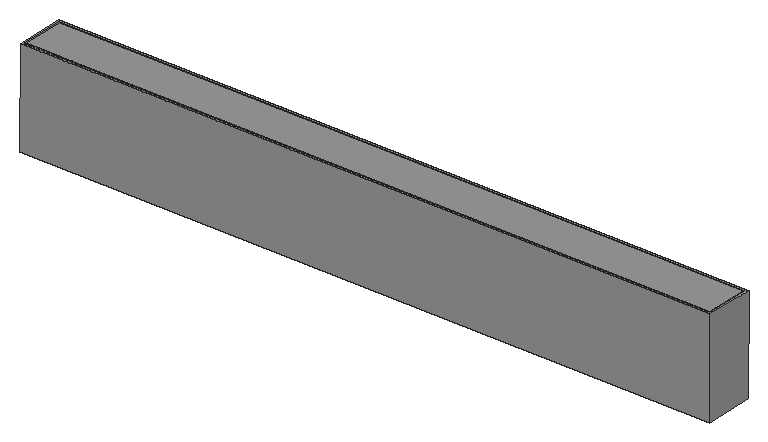
Revit family "Artemide_Sharp_SMD", category Lighting Fixtures, Revit 2018 (continued)
Types (243, lengths in mm): name | Wattage | V_2Optics | V_1Optic | TotalNumberOfOptics | built-in parameter 1150134 | Photometric Web File | NumberOfOptics | M_ExternalHousing | built-in parameter 1150105 | Lumens | built-in parameter 1150107 | built-in parameter 1150106 | URL to O&M Manual | Suitable for Dimming  | Suitable Dimmer Type | Product Model Number | Overall Length | Housing Colour  | Emit from Rectangle Width | Emit from Rectangle Length | Efficiency | built-in parameter 1150104 | Distance_RightEnd | Colour Temperature
  SharpSMD_4opticunit_12W_52°_3000K_White_AF41501 | 12 W | no | yes | 4 | (empty or 0) | "AF41501+AF95201.IES" | 3 | Artemide_Aluminum_White | 61.984 (stored number, unit not read) | 778.92 lm | 3000 (stored number, unit not read) | 0.61984 (stored number, unit not read) | "https://www.artemide.com/contents/documenti/prodotto/sharp_smd_instructions4862935.pdf" | "N" | "-" | "AF41501" | 152 | "White" | 37.4 | 149.2 | 73 | 6.0303 (stored number, unit not read) | 132.8 | 3000
  SharpSMD_4opticunit_12W_52°_3000K_Black_AF41504 | 12 W | no | yes | 4 | (empty or 0) | "AF41504+AF95201.IES" | 3 | Artemide_Aluminum_Black | 61.984 (stored number, unit not read) | 778.92 lm | 3000 (stored number, unit not read) | 0.61984 (stored number, unit not read) | "https://www.artemide.com/contents/documenti/prodotto/sharp_smd_instructions4862935.pdf" | "N" | "-" | "AF41504" | 152 | "Black" | 37.4 | 149.2 | 73 | 6.0303 (stored number, unit not read) | 132.8 | 3000
  SharpSMD_4opticunit_12W_52°_3000K_Silver_AF41505 | 12 W | no | yes | 4 | (empty or 0) | "AF41505+AF95201.IES" | 3 | Artemide_Aluminum_BrushedSilver | 61.984 (stored number, unit not read) | 778.92 lm | 3000 (stored number, unit not read) | 0.61984 (stored number, unit not read) | "https://www.artemide.com/contents/documenti/prodotto/sharp_smd_instructions4862935.pdf" | "N" | "-" | "AF41505" | 152 | "Silver" | 37.4 | 149.2 | 73 | 6.0303 (stored number, unit not read) | 132.8 | 3000
  SharpSMD_4opticunit_12W_20°_2700K_White_AF41001 | 12 W | no | yes | 4 | (empty or 0) | "AF41001+AF95201.IES" | 3 | Artemide_Aluminum_White | 60.046 (stored number, unit not read) | 754.56 lm | 2700 (stored number, unit not read) | 0.60046 (stored number, unit not read) | "https://www.artemide.com/contents/documenti/prodotto/sharp_smd_instructions4862935.pdf" | "N" | "-" | "AF41001" | 152 | "White" | 37.4 | 149.2 | 76 | 5.8417 (stored number, unit not read) | 132.8 | 2700
  SharpSMD_4opticunit_12W_20°_2700K_Black_AF41004 | 12 W | no | yes | 4 | (empty or 0) | "AF41004+AF95201.IES" | 3 | Artemide_Aluminum_Black | 60.046 (stored number, unit not read) | 754.56 lm | 2700 (stored number, unit not read) | 0.60046 (stored number, unit not read) | "https://www.artemide.com/contents/documenti/prodotto/sharp_smd_instructions4862935.pdf" | "N" | "-" | "AF41004" | 152 | "Black" | 37.4 | 149.2 | 76 | 5.8417 (stored number, unit not read) | 132.8 | 2700
  SharpSMD_4opticunit_12W_20°_2700K_Silver_AF41005 | 12 W | no | yes | 4 | (empty or 0) | "AF41005+AF95201.IES" | 3 | Artemide_Aluminum_BrushedSilver | 60.046 (stored number, unit not read) | 754.56 lm | 2700 (stored number, unit not read) | 0.60046 (stored number, unit not read) | "https://www.artemide.com/contents/documenti/prodotto/sharp_smd_instructions4862935.pdf" | "N" | "-" | "AF41005" | 152 | "Silver" | 37.4 | 149.2 | 76 | 5.8417 (stored number, unit not read) | 132.8 | 2700
  SharpSMD_4opticunit_12W_36°_2700K_White_AF41101 | 12 W | no | yes | 4 | (empty or 0) | "AF41101+AF95201.IES" | 3 | Artemide_Aluminum_White | 56.179 (stored number, unit not read) | 705.96 lm | 2700 (stored number, unit not read) | 0.56179 (stored number, unit not read) | "https://www.artemide.com/contents/documenti/prodotto/sharp_smd_instructions4862935.pdf" | "N" | "-" | "AF41101" | 152 | "White" | 37.4 | 149.2 | 71 | 5.4655 (stored number, unit not read) | 132.8 | 2700
  SharpSMD_4opticunit_12W_36°_2700K_Black_AF41104 | 12 W | no | yes | 4 | (empty or 0) | "AF41104+AF95201.IES" | 3 | Artemide_Aluminum_Black | 56.179 (stored number, unit not read) | 705.96 lm | 2700 (stored number, unit not read) | 0.56179 (stored number, unit not read) | "https://www.artemide.com/contents/documenti/prodotto/sharp_smd_instructions4862935.pdf" | "N" | "-" | "AF41104" | 152 | "Black" | 37.4 | 149.2 | 71 | 5.4655 (stored number, unit not read) | 132.8 | 2700
  SharpSMD_4opticunit_12W_36°_2700K_Silver_AF41105 | 12 W | no | yes | 4 | (empty or 0) | "AF41105+AF95201.IES" | 3 | Artemide_Aluminum_BrushedSilver | 56.179 (stored number, unit not read) | 705.96 lm | 2700 (stored number, unit not read) | 0.56179 (stored number, unit not read) | "https://www.artemide.com/contents/documenti/prodotto/sharp_smd_instructions4862935.pdf" | "N" | "-" | "AF41105" | 152 | "Silver" | 37.4 | 149.2 | 71 | 5.4655 (stored number, unit not read) | 132.8 | 2700
  SharpSMD_4opticunit_12W_52°_2700K_White_AF41201 | 12 W | no | yes | 4 | (empty or 0) | "AF41201+AF95201.IES" | 3 | Artemide_Aluminum_White | 58.184 (stored number, unit not read) | 731.16 lm | 2700 (stored number, unit not read) | 0.58184 (stored number, unit not read) | "https://www.artemide.com/contents/documenti/prodotto/sharp_smd_instructions4862935.pdf" | "N" | "-" | "AF41201" | 152 | "White" | 37.4 | 149.2 | 73 | 5.6606 (stored number, unit not read) | 132.8 | 2700
  SharpSMD_4opticunit_12W_52°_2700K_Black_AF41204 | 12 W | no | yes | 4 | (empty or 0) | "AF41204+AF95201.IES" | 3 | Artemide_Aluminum_Black | 58.184 (stored number, unit not read) | 731.16 lm | 2700 (stored number, unit not read) | 0.58184 (stored number, unit not read) | "https://www.artemide.com/contents/documenti/prodotto/sharp_smd_instructions4862935.pdf" | "N" | "-" | "AF41204" | 152 | "Black" | 37.4 | 149.2 | 73 | 5.6606 (stored number, unit not read) | 132.8 | 2700
  SharpSMD_4opticunit_12W_52°_2700K_Silver_AF41205 | 12 W | no | yes | 4 | (empty or 0) | "AF41205+AF95201.IES" | 3 | Artemide_Aluminum_BrushedSilver | 58.184 (stored number, unit not read) | 731.16 lm | 2700 (stored number, unit not read) | 0.58184 (stored number, unit not read) | "https://www.artemide.com/contents/documenti/prodotto/sharp_smd_instructions4862935.pdf" | "N" | "-" | "AF41205" | 152 | "Silver" | 37.4 | 149.2 | 73 | 5.6606 (stored number, unit not read) | 132.8 | 2700
  SharpSMD_4opticunit_12W_36°_4000K_White_AF41701 | 12 W | no | yes | 4 | 12 | "AF41701+AF95201.IES" | 3 | Artemide_Aluminum_White | 64.066 (stored number, unit not read) | 805.08 lm | 4000 (stored number, unit not read) | 0.64066 (stored number, unit not read) | "https://www.artemide.com/contents/documenti/prodotto/sharp_smd_instructions4862935.pdf" | "N" | "-" | "AF41701" | 152 | "White" | 37.4 | 149.2 | 71 | 6.2329 (stored number, unit not read) | 132.8 | 4000
  SharpSMD_4opticunit_12W_52°_4000K_White_AF41801 | 12 W | no | yes | 4 | 12 | "AF41801+AF95201.IES" | 3 | Artemide_Aluminum_White | 66.339 (stored number, unit not read) | 833.64 lm | 4000 (stored number, unit not read) | 0.66339 (stored number, unit not read) | "https://www.artemide.com/contents/documenti/prodotto/sharp_smd_instructions4862935.pdf" | "N" | "-" | "AF41801" | 152 | "White" | 37.4 | 149.2 | 73 | 6.454 (stored number, unit not read) | 132.8 | 4000
  SharpSMD_4opticunit_12W_20°_4000K_White_AF41601 | 12 W | no | yes | 4 | 12 | "AF41601+AF95201.IES" | 3 | Artemide_Aluminum_White | 68.468 (stored number, unit not read) | 860.4 lm | 4000 (stored number, unit not read) | 0.68468 (stored number, unit not read) | "https://www.artemide.com/contents/documenti/prodotto/sharp_smd_instructions4862935.pdf" | "N" | "-" | "AF41601" | 152 | "White" | 37.4 | 149.2 | 76 | 6.6611 (stored number, unit not read) | 132.8 | 4000
  SharpSMD_4opticunit_12W_20°_4000K_Silver_AF41705 | 12 W | no | yes | 4 | 12 | "AF41705+AF95201.IES" | 3 | Artemide_Aluminum_BrushedSilver | 64.066 (stored number, unit not read) | 805.08 lm | 4000 (stored number, unit not read) | 0.64066 (stored number, unit not read) | "https://www.artemide.com/contents/documenti/prodotto/sharp_smd_instructions4862935.pdf" | "N" | "-" | "AF41705" | 152 | "Silver" | 37.4 | 149.2 | 71 | 6.2329 (stored number, unit not read) | 132.8 | 4000
  SharpSMD_4opticunit_12W_52°_4000K_Silver_AF41805 | 12 W | no | yes | 4 | 12 | "AF45905+AF95201.IES" | 3 | Artemide_Aluminum_BrushedSilver | 66.339 (stored number, unit not read) | 833.64 lm | 4000 (stored number, unit not read) | 0.66339 (stored number, unit not read) | "https://www.artemide.com/contents/documenti/prodotto/sharp_smd_instructions4862935.pdf" | "N" | "-" | "AF41805" | 152 | "Silver" | 37.4 | 149.2 | 73 | 6.454 (stored number, unit not read) | 132.8 | 4000
  SharpSMD_4opticunit_12W_20°_4000K_Silver_AF41605 | 12 W | no | yes | 4 | 12 | "AF41605+AF95201.IES" | 3 | Artemide_Aluminum_BrushedSilver | 68.468 (stored number, unit not read) | 860.4 lm | 4000 (stored number, unit not read) | 0.68468 (stored number, unit not read) | "https://www.artemide.com/contents/documenti/prodotto/sharp_smd_instructions4862935.pdf" | "N" | "-" | "AF41605" | 152 | "Silver" | 37.4 | 149.2 | 76 | 6.6611 (stored number, unit not read) | 132.8 | 4000
  SharpSMD_4opticunit_12W_52°_4000K_Black_AF41804 | 12 W | no | yes | 4 | 12 | "AF41804+AF95201.IES" | 3 | Artemide_Aluminum_Black | 66.339 (stored number, unit not read) | 833.64 lm | 4000 (stored number, unit not read) | 0.66339 (stored number, unit not read) | "https://www.artemide.com/contents/documenti/prodotto/sharp_smd_instructions4862935.pdf" | "N" | "-" | "AF41804" | 152 | "Black" | 37.4 | 149.2 | 73 | 6.454 (stored number, unit not read) | 132.8 | 4000
  SharpSMD_4opticunit_12W_36°_4000K_Black_AF41704 | 12 W | no | yes | 4 | 12 | "AF41704+AF95201.IES" | 3 | Artemide_Aluminum_Black | 64.066 (stored number, unit not read) | 805.08 lm | 4000 (stored number, unit not read) | 0.64066 (stored number, unit not read) | "https://www.artemide.com/contents/documenti/prodotto/sharp_smd_instructions4862935.pdf" | "N" | "-" | "AF41704" | 152 | "Black" | 37.4 | 149.2 | 71 | 6.2329 (stored number, unit not read) | 132.8 | 4000
  SharpSMD_4opticunit_12W_20°_4000K_Black_AF41604 | 12 W | no | yes | 4 | 12 | "AF41604+AF95201.IES" | 3 | Artemide_Aluminum_Black | 68.468 (stored number, unit not read) | 860.4 lm | 4000 (stored number, unit not read) | 0.68468 (stored number, unit not read) | "https://www.artemide.com/contents/documenti/prodotto/sharp_smd_instructions4862935.pdf" | "N" | "-" | "AF41604" | 152 | "Black" | 37.4 | 149.2 | 76 | 6.6611 (stored number, unit not read) | 132.8 | 4000
  SharpSMD_8opticunit_24W_20°_3000K_Black_AF46004 | 24 W | no | yes | 8 | (empty or 0) | "AF46004+AF95201.IES" | 7 | Artemide_Aluminum_Black | 127.94 (stored number, unit not read) | 1607.76 lm | 3000 (stored number, unit not read) | 1.2794 (stored number, unit not read) | "https://www.artemide.com/contents/documenti/prodotto/sharp_smd_instructions4862734.pdf" | "N" | "-" | "AF46004" | 300 | "Black" | 37 | 298.4 | 76 | 6.2236 (stored number, unit not read) | 282 | 3000
  SharpSMD_8opticunit_24W_20°_3000K_Silver_AF46005 | 24 W | no | yes | 8 | (empty or 0) | "AF46005+AF95201.IES" | 7 | Artemide_Aluminum_BrushedSilver | 127.94 (stored number, unit not read) | 1607.76 lm | 3000 (stored number, unit not read) | 1.2794 (stored number, unit not read) | "https://www.artemide.com/contents/documenti/prodotto/sharp_smd_instructions4862734.pdf" | "N" | "-" | "AF46005" | 300 | "Silver" | 37.4 | 298.4 | 76 | 6.2236 (stored number, unit not read) | 282 | 3000
  SharpSMD_8opticunit_24W_20°_4000K_White_AF46301 | 24 W | no | yes | 8 | 12 | "AF46301+AF95201.IES" | 7 | Artemide_Aluminum_White | 136.94 (stored number, unit not read) | 1720.8 lm | 4000 (stored number, unit not read) | 1.3694 (stored number, unit not read) | "https://www.artemide.com/contents/documenti/prodotto/sharp_smd_instructions4862734.pdf" | "N" | "-" | "AF46301" | 300 | "White" | 37.4 | 298.4 | 76 | 6.6611 (stored number, unit not read) | 282 | 3000
  SharpSMD_8opticunit_24W_20°_4000K_Black_AF46304 | 24 W | no | yes | 8 | 12 | "AF46304+AF95201.IES" | 7 | Artemide_Aluminum_Black | 136.94 (stored number, unit not read) | 1720.8 lm | 4000 (stored number, unit not read) | 1.3694 (stored number, unit not read) | "https://www.artemide.com/contents/documenti/prodotto/sharp_smd_instructions4862734.pdf" | "N" | "-" | "AF46304" | 300 | "Black" | 37.4 | 298.4 | 76 | 6.6611 (stored number, unit not read) | 282 | 3000
  SharpSMD_8opticunit_24W_20°_4000K_Silver_AF46305 | 24 W | no | yes | 8 | 12 | "AF46305+AF95201.IES" | 7 | Artemide_Aluminum_BrushedSilver | 136.94 (stored number, unit not read) | 1720.8 lm | 4000 (stored number, unit not read) | 1.3694 (stored number, unit not read) | "https://www.artemide.com/contents/documenti/prodotto/sharp_smd_instructions4862734.pdf" | "N" | "-" | "AF46305" | 300 | "Silver" | 37.4 | 298.4 | 76 | 6.6611 (stored number, unit not read) | 282 | 3000
  SharpSMD_8opticunit_24W_36°_3000K_White_AF46101 | 24 W | no | yes | 8 | (empty or 0) | "AF46101+AF95201.IES" | 7 | Artemide_Aluminum_White | 119.71 (stored number, unit not read) | 1504.32 lm | 3000 (stored number, unit not read) | 1.1971 (stored number, unit not read) | "https://www.artemide.com/contents/documenti/prodotto/sharp_smd_instructions4862734.pdf" | "N" | "-" | "AF46101" | 300 | "White" | 37.4 | 298.4 | 71 | 5.8232 (stored number, unit not read) | 282 | 3000
  SharpSMD_8opticunit_24W_36°_3000K_Black_AF46104 | 24 W | no | yes | 8 | (empty or 0) | "AF46104+AF95201.IES" | 7 | Artemide_Aluminum_Black | 119.71 (stored number, unit not read) | 1504.32 lm | 3000 (stored number, unit not read) | 1.1971 (stored number, unit not read) | "https://www.artemide.com/contents/documenti/prodotto/sharp_smd_instructions4862734.pdf" | "N" | "-" | "AF46104" | 300 | "Black" | 37.4 | 298.4 | 71 | 5.8232 (stored number, unit not read) | 282 | 3000
  SharpSMD_8opticunit_24W_36°_3000K_Silver_AF46105 | 24 W | no | yes | 8 | (empty or 0) | "AF46105+AF95201.IES" | 7 | Artemide_Aluminum_BrushedSilver | 119.71 (stored number, unit not read) | 1504.32 lm | 3000 (stored number, unit not read) | 1.1971 (stored number, unit not read) | "https://www.artemide.com/contents/documenti/prodotto/sharp_smd_instructions4862734.pdf" | "N" | "-" | "AF46105" | 300 | "Silver" | 37.4 | 298.4 | 71 | 5.8232 (stored number, unit not read) | 282 | 3000
  SharpSMD_8opticunit_24W_36°_4000K_White_AF46401 | 24 W | no | yes | 8 | 12 | "AF46401+AF95201.IES" | 7 | Artemide_Aluminum_White | 128.13 (stored number, unit not read) | 1610.16 lm | 4000 (stored number, unit not read) | 1.2813 (stored number, unit not read) | "https://www.artemide.com/contents/documenti/prodotto/sharp_smd_instructions4862734.pdf" | "N" | "-" | "AF46401" | 300 | "White" | 37.4 | 298.4 | 71 | 6.2329 (stored number, unit not read) | 282 | 4000
  SharpSMD_8opticunit_24W_36°_4000K_Black_AF46404 | 24 W | no | yes | 8 | 12 | "AF46404+AF95201.IES" | 7 | Artemide_Aluminum_Black | 128.13 (stored number, unit not read) | 1610.16 lm | 4000 (stored number, unit not read) | 1.2813 (stored number, unit not read) | "https://www.artemide.com/contents/documenti/prodotto/sharp_smd_instructions4862734.pdf" | "N" | "-" | "AF46404" | 300 | "Black" | 37.4 | 298.4 | 71 | 6.2329 (stored number, unit not read) | 282 | 4000
  SharpSMD_8opticunit_24W_36°_4000K_Silver_AF46405 | 24 W | no | yes | 8 | 12 | "AF46405+AF95201.IES" | 7 | Artemide_Aluminum_BrushedSilver | 128.13 (stored number, unit not read) | 1610.16 lm | 4000 (stored number, unit not read) | 1.2813 (stored number, unit not read) | "https://www.artemide.com/contents/documenti/prodotto/sharp_smd_instructions4862734.pdf" | "N" | "-" | "AF46405" | 300 | "Silver" | 37.4 | 298.4 | 71 | 6.2329 (stored number, unit not read) | 282 | 4000
  SharpSMD_8opticunit_24W_52°_3000K_White_AF46201 | 24 W | no | yes | 8 | (empty or 0) | "AF46201+AF95201.IES" | 7 | Artemide_Aluminum_White | 123.97 (stored number, unit not read) | 1557.84 lm | 3000 (stored number, unit not read) | 1.2397 (stored number, unit not read) | "https://www.artemide.com/contents/documenti/prodotto/sharp_smd_instructions4862734.pdf" | "N" | "-" | "AF46201" | 300 | "White" | 37.4 | 298.4 | 73 | 6.0303 (stored number, unit not read) | 282 | 3000
  SharpSMD_8opticunit_24W_52°_3000K_Black_AF46204 | 24 W | no | yes | 8 | (empty or 0) | "AF46204+AF95201.IES" | 7 | Artemide_Aluminum_Black | 123.97 (stored number, unit not read) | 1557.84 lm | 3000 (stored number, unit not read) | 1.2397 (stored number, unit not read) | "https://www.artemide.com/contents/documenti/prodotto/sharp_smd_instructions4862734.pdf" | "N" | "-" | "AF46204" | 300 | "Black" | 37.4 | 298.4 | 73 | 6.0303 (stored number, unit not read) | 282 | 3000
  SharpSMD_8opticunit_24W_52°_3000K_Silver_AF46205 | 24 W | no | yes | 8 | (empty or 0) | "AF46205+AF95201.IES" | 7 | Artemide_Aluminum_BrushedSilver | 123.97 (stored number, unit not read) | 1557.84 lm | 3000 (stored number, unit not read) | 1.2397 (stored number, unit not read) | "https://www.artemide.com/contents/documenti/prodotto/sharp_smd_instructions4862734.pdf" | "N" | "-" | "AF46205" | 300 | "Silver" | 37.4 | 298.4 | 73 | 6.0303 (stored number, unit not read) | 282 | 3000
  SharpSMD_8opticunit_24W_52°_4000K_White_AF46501 | 24 W | no | yes | 8 | 12 | "AF46501+AF95201.IES" | 7 | Artemide_Aluminum_White | 132.68 (stored number, unit not read) | 1667.28 lm | 4000 (stored number, unit not read) | 1.3268 (stored number, unit not read) | "https://www.artemide.com/contents/documenti/prodotto/sharp_smd_instructions4862734.pdf" | "N" | "-" | "AF46501" | 300 | "White" | 37.4 | 298.4 | 73 | 6.454 (stored number, unit not read) | 282 | 4000
  SharpSMD_8opticunit_24W_52°_4000K_Black_AF46504 | 24 W | no | yes | 8 | 12 | "AF46504+AF95201.IES" | 7 | Artemide_Aluminum_Black | 132.68 (stored number, unit not read) | 1667.28 lm | 4000 (stored number, unit not read) | 1.3268 (stored number, unit not read) | "https://www.artemide.com/contents/documenti/prodotto/sharp_smd_instructions4862734.pdf" | "N" | "-" | "AF46504" | 300 | "Black" | 37.4 | 298.4 | 73 | 6.454 (stored number, unit not read) | 282 | 4000
  SharpSMD_8opticunit_24W_52°_4000K_Silver_AF46505 | 24 W | no | yes | 8 | 12 | "AF46505+AF95201.IES" | 7 | Artemide_Aluminum_BrushedSilver | 132.68 (stored number, unit not read) | 1667.28 lm | 4000 (stored number, unit not read) | 1.3268 (stored number, unit not read) | "https://www.artemide.com/contents/documenti/prodotto/sharp_smd_instructions4862734.pdf" | "N" | "-" | "AF46505" | 300 | "Silver" | 37.4 | 298.4 | 73 | 6.454 (stored number, unit not read) | 282 | 4000
  SharpSMD_8opticunit_24W_36°_3000K_DimmableDali_Black_AF47104 | 24 W | no | yes | 8 | (empty or 0) | "AF47104+AF95201.IES" | 7 | Artemide_Aluminum_Black | 119.71 (stored number, unit not read) | 1504.32 lm | 3000 (stored number, unit not read) | 1.1971 (stored number, unit not read) | "https://www.artemide.com/contents/documenti/prodotto/sharp_smd_instructions4862734.pdf" | "Y" | "DALI" | "AF47104" | 300 | "Black" | 37.4 | 298.4 | 71 | 5.8232 (stored number, unit not read) | 282 | 3000
  SharpSMD_8opticunit_24W_52°_3000K_DimmableDali_Black_AF47204 | 24 W | no | yes | 8 | (empty or 0) | "AF47204+AF95201.IES" | 7 | Artemide_Aluminum_Black | 123.97 (stored number, unit not read) | 1557.84 lm | 3000 (stored number, unit not read) | 1.2397 (stored number, unit not read) | "https://www.artemide.com/contents/documenti/prodotto/sharp_smd_instructions4862734.pdf" | "Y" | "DALI" | "AF47204" | 300 | "Black" | 37.4 | 298.4 | 73 | 6.0303 (stored number, unit not read) | 282 | 3000
  SharpSMD_8opticunit_24W_20°_3000K_DimmableDali_Black_AF47004 | 24 W | no | yes | 8 | (empty or 0) | "AF47004+AF95201.IES" | 7 | Artemide_Aluminum_Black | 127.94 (stored number, unit not read) | 1607.76 lm | 3000 (stored number, unit not read) | 1.2794 (stored number, unit not read) | "https://www.artemide.com/contents/documenti/prodotto/sharp_smd_instructions4862734.pdf" | "Y" | "DALI" | "AF47004" | 300 | "Black" | 37.4 | 298.4 | 76 | 6.2236 (stored number, unit not read) | 282 | 3000
  SharpSMD_8opticunit_24W_36°_4000K_DimmableDali_Black_AF47404 | 24 W | no | yes | 8 | 12 | "AF47404+AF95201.IES" | 7 | Artemide_Aluminum_Black | 128.13 (stored number, unit not read) | 1610.16 lm | 4000 (stored number, unit not read) | 1.2813 (stored number, unit not read) | "https://www.artemide.com/contents/documenti/prodotto/sharp_smd_instructions4862734.pdf" | "Y" | "DALI" | "AF47404" | 300 | "Black" | 37.4 | 298.4 | 71 | 6.2329 (stored number, unit not read) | 282 | 4000
  SharpSMD_8opticunit_24W_52°_4000K_DimmableDali_Black_AF47504 | 24 W | no | yes | 8 | 12 | "AF47504+AF95201.IES" | 7 | Artemide_Aluminum_Black | 132.68 (stored number, unit not read) | 1667.28 lm | 4000 (stored number, unit not read) | 1.3268 (stored number, unit not read) | "https://www.artemide.com/contents/documenti/prodotto/sharp_smd_instructions4862734.pdf" | "Y" | "DALI" | "AF47504" | 300 | "Black" | 37.4 | 298.4 | 73 | 6.454 (stored number, unit not read) | 282 | 4000
  SharpSMD_8opticunit_24W_20°_4000K_DimmableDali_Black_AF47304 | 24 W | no | yes | 8 | 12 | "AF47304+AF95201.IES" | 7 | Artemide_Aluminum_Black | 136.94 (stored number, unit not read) | 1720.8 lm | 4000 (stored number, unit not read) | 1.3694 (stored number, unit not read) | "https://www.artemide.com/contents/documenti/prodotto/sharp_smd_instructions4862734.pdf" | "Y" | "DALI" | "AF47304" | 300 | "Black" | 37.4 | 298.4 | 76 | 6.6611 (stored number, unit not read) | 282 | 4000
  SharpSMD_8opticunit_24W_20°_4000K_DimmableDali_Silver_AF47305 | 24 W | no | yes | 8 | 12 | "AF47305+AF95201.IES" | 7 | Artemide_Aluminum_BrushedSilver | 136.94 (stored number, unit not read) | 1720.8 lm | 4000 (stored number, unit not read) | 1.3694 (stored number, unit not read) | "https://www.artemide.com/contents/documenti/prodotto/sharp_smd_instructions4862734.pdf" | "Y" | "DALI" | "AF47305" | 300 | "Silver" | 37.4 | 298.4 | 76 | 6.6611 (stored number, unit not read) | 282 | 4000
  SharpSMD_8opticunit_24W_36°_4000K_DimmableDali_Silver_AF47405 | 24 W | no | yes | 8 | 12 | "AF47405+AF95201.IES" | 7 | Artemide_Aluminum_BrushedSilver | 128.13 (stored number, unit not read) | 1610.16 lm | 4000 (stored number, unit not read) | 1.2813 (stored number, unit not read) | "https://www.artemide.com/contents/documenti/prodotto/sharp_smd_instructions4862734.pdf" | "Y" | "DALI" | "AF47405" | 300 | "Silver" | 37.4 | 298.4 | 71 | 6.2329 (stored number, unit not read) | 282 | 4000
  SharpSMD_8opticunit_24W_52°_4000K_DimmableDali_Silver_AF47505 | 24 W | no | yes | 8 | 12 | "AF47505+AF95201.IES" | 7 | Artemide_Aluminum_BrushedSilver | 132.68 (stored number, unit not read) | 1667.28 lm | 4000 (stored number, unit not read) | 1.3268 (stored number, unit not read) | "https://www.artemide.com/contents/documenti/prodotto/sharp_smd_instructions4862734.pdf" | "Y" | "DALI" | "AF47505" | 300 | "Silver" | 37.4 | 298.4 | 73 | 6.454 (stored number, unit not read) | 282 | 4000
  SharpSMD_8opticunit_24W_36°_3000K_DimmableDali_Silver_AF47105 | 24 W | no | yes | 8 | (empty or 0) | "AF47105+AF95201.IES" | 7 | Artemide_Aluminum_BrushedSilver | 119.71 (stored number, unit not read) | 1504.32 lm | 3000 (stored number, unit not read) | 1.1971 (stored number, unit not read) | "https://www.artemide.com/contents/documenti/prodotto/sharp_smd_instructions4862734.pdf" | "Y" | "DALI" | "AF47105" | 300 | "Silver" | 37.4 | 298.4 | 71 | 5.8232 (stored number, unit not read) | 282 | 3000
  SharpSMD_8opticunit_24W_52°_3000K_DimmableDali_Silver_AF47205 | 24 W | no | yes | 8 | (empty or 0) | "AF47205+AF95201.IES" | 7 | Artemide_Aluminum_BrushedSilver | 123.97 (stored number, unit not read) | 1557.84 lm | 3000 (stored number, unit not read) | 1.2397 (stored number, unit not read) | "https://www.artemide.com/contents/documenti/prodotto/sharp_smd_instructions4862734.pdf" | "Y" | "DALI" | "AF47205" | 300 | "Silver" | 37.4 | 298.4 | 73 | 6.0303 (stored number, unit not read) | 282 | 3000
  SharpSMD_8opticunit_24W_20°_3000K_DimmableDali_Silver_AF47005 | 24 W | no | yes | 8 | (empty or 0) | "AF47005+AF95201.IES" | 7 | Artemide_Aluminum_BrushedSilver | 127.94 (stored number, unit not read) | 1607.76 lm | 3000 (stored number, unit not read) | 1.2794 (stored number, unit not read) | "https://www.artemide.com/contents/documenti/prodotto/sharp_smd_instructions4862734.pdf" | "Y" | "DALI" | "AF47005" | 300 | "Silver" | 37.4 | 298.4 | 71 | 6.2236 (stored number, unit not read) | 282 | 3000
  SharpSMD_8opticunit_24W_20°_4000K_DimmableDali_White_AF47301 | 24 W | no | yes | 8 | 12 | "AF47301+AF95201.IES" | 7 | Artemide_Aluminum_White | 136.94 (stored number, unit not read) | 1720.8 lm | 4000 (stored number, unit not read) | 1.3694 (stored number, unit not read) | "https://www.artemide.com/contents/documenti/prodotto/sharp_smd_instructions4862734.pdf" | "Y" | "DALI" | "AF47301" | 300 | "White" | 37.4 | 298.4 | 71 | 6.6611 (stored number, unit not read) | 282 | 4000
  SharpSMD_8opticunit_24W_36°_4000K_DimmableDali_White_AF47401 | 24 W | no | yes | 8 | 12 | "AF47401+AF95201.IES" | 7 | Artemide_Aluminum_White | 128.13 (stored number, unit not read) | 1610.16 lm | 4000 (stored number, unit not read) | 1.2813 (stored number, unit not read) | "https://www.artemide.com/contents/documenti/prodotto/sharp_smd_instructions4862734.pdf" | "Y" | "DALI" | "AF47401" | 300 | "White" | 37.4 | 298.4 | 71 | 6.2329 (stored number, unit not read) | 282 | 4000
  SharpSMD_8opticunit_24W_52°_4000K_DimmableDali_White_AF47501 | 24 W | no | yes | 8 | 12 | "AF47501+AF95201.IES" | 7 | Artemide_Aluminum_White | 132.68 (stored number, unit not read) | 1667.28 lm | 4000 (stored number, unit not read) | 1.3268 (stored number, unit not read) | "https://www.artemide.com/contents/documenti/prodotto/sharp_smd_instructions4862734.pdf" | "Y" | "DALI" | "AF47501" | 300 | "White" | 37.4 | 298.4 | 73 | 6.454 (stored number, unit not read) | 282 | 4000
  SharpSMD_8opticunit_24W_36°_3000K_DimmableDali_White_AF47101 | 24 W | no | yes | 8 | (empty or 0) | "AF47101+AF95201.IES" | 7 | Artemide_Aluminum_White | 119.71 (stored number, unit not read) | 1504.32 lm | 3000 (stored number, unit not read) | 1.1971 (stored number, unit not read) | "https://www.artemide.com/contents/documenti/prodotto/sharp_smd_instructions4862734.pdf" | "Y" | "DALI" | "AF47101" | 300 | "White" | 37.4 | 298.4 | 71 | 5.8232 (stored number, unit not read) | 282 | 3000
  SharpSMD_8opticunit_24W_52°_3000K_DimmableDali_White_AF47201 | 24 W | no | yes | 8 | (empty or 0) | "AF47201+AF95201.IES" | 7 | Artemide_Aluminum_White | 123.97 (stored number, unit not read) | 1557.84 lm | 3000 (stored number, unit not read) | 1.2397 (stored number, unit not read) | "https://www.artemide.com/contents/documenti/prodotto/sharp_smd_instructions4862734.pdf" | "Y" | "DALI" | "AF47201" | 300 | "White" | 37.4 | 298.4 | 73 | 6.0303 (stored number, unit not read) | 282 | 3000
  SharpSMD_8opticunit_24W_20°_3000K_DimmableDali_White_AF47001 | 24 W | no | yes | 8 | (empty or 0) | "AF47001+AF95201.IES" | 7 | Artemide_Aluminum_White | 127.94 (stored number, unit not read) | 1607.76 lm | 3000 (stored number, unit not read) | 1.2794 (stored number, unit not read) | "https://www.artemide.com/contents/documenti/prodotto/sharp_smd_instructions4862734.pdf" | "Y" | "DALI" | "AF47001" | 300 | "White" | 37.4 | 298.4 | 76 | 6.2236 (stored number, unit not read) | 282 | 3000
  SharpSMD_8opticunit_24W_36°_2700K_Black_AF45804 | 24 W | no | yes | 8 | (empty or 0) | "AF45804+AF95201.IES" | 7 | Artemide_Aluminum_Black | 112.36 (stored number, unit not read) | 1411.92 lm | 2700 (stored number, unit not read) | 1.1236 (stored number, unit not read) | "https://www.artemide.com/contents/documenti/prodotto/sharp_smd_instructions4862734.pdf" | "N" | "-" | "AF45804" | 300 | "Black" | 37.4 | 298.4 | 71 | 5.4655 (stored number, unit not read) | 282 | 2700
  SharpSMD_8opticunit_24W_36°_2700K_DimmableDali_Black_AF47704 | 24 W | no | yes | 8 | (empty or 0) | "AF47704+AF95201.IES" | 7 | Artemide_Aluminum_Black | 112.36 (stored number, unit not read) | 1411.92 lm | 2700 (stored number, unit not read) | 1.1236 (stored number, unit not read) | "https://www.artemide.com/contents/documenti/prodotto/sharp_smd_instructions4862734.pdf" | "Y" | "DALI" | "AF47704" | 300 | "Black" | 37.4 | 298.4 | 71 | 5.4655 (stored number, unit not read) | 282 | 2700
  SharpSMD_8opticunit_24W_52°_2700K_Black_AF45904 | 24 W | no | yes | 8 | (empty or 0) | "AF45904+AF95201.IES" | 7 | Artemide_Aluminum_Black | 116.37 (stored number, unit not read) | 1462.32 lm | 2700 (stored number, unit not read) | 1.1637 (stored number, unit not read) | "https://www.artemide.com/contents/documenti/prodotto/sharp_smd_instructions4862734.pdf" | "N" | "-" | "AF45904" | 300 | "Black" | 37.4 | 298.4 | 73 | 5.6606 (stored number, unit not read) | 282 | 2700
  SharpSMD_8opticunit_24W_52°_2700K_DimmableDali_Black_AF47804 | 24 W | no | yes | 8 | (empty or 0) | "AF47804+AF95201.IES" | 7 | Artemide_Aluminum_Black | 116.37 (stored number, unit not read) | 1462.32 lm | 2700 (stored number, unit not read) | 1.1637 (stored number, unit not read) | "https://www.artemide.com/contents/documenti/prodotto/sharp_smd_instructions4862734.pdf" | "Y" | "DALI" | "AF47804" | 300 | "Black" | 37.4 | 298.4 | 73 | 5.6606 (stored number, unit not read) | 282 | 2700
  SharpSMD_8opticunit_24W_20°_2700K_Black_AF45704 | 24 W | no | yes | 8 | (empty or 0) | "AF45704+AF95201.IES" | 7 | Artemide_Aluminum_Black | 120.09 (stored number, unit not read) | 1509.12 lm | 2700 (stored number, unit not read) | 1.2009 (stored number, unit not read) | "https://www.artemide.com/contents/documenti/prodotto/sharp_smd_instructions4862734.pdf" | "N" | "-" | "AF45704" | 300 | "Black" | 37.4 | 298.4 | 76 | 5.8417 (stored number, unit not read) | 282 | 2700
  SharpSMD_8opticunit_24W_20°_2700K_DimmableDali_Black_AF47604 | 24 W | no | yes | 8 | (empty or 0) | "AF47604+AF95201.IES" | 7 | Artemide_Aluminum_Black | 120.09 (stored number, unit not read) | 1509.12 lm | 2700 (stored number, unit not read) | 1.2009 (stored number, unit not read) | "https://www.artemide.com/contents/documenti/prodotto/sharp_smd_instructions4862734.pdf" | "Y" | "DALI" | "AF47604" | 300 | "Black" | 37.4 | 298.4 | 76 | 5.8417 (stored number, unit not read) | 282 | 2700
  SharpSMD_8opticunit_24W_36°_2700K_Silver_AF45805 | 24 W | no | yes | 8 | (empty or 0) | "AF45805+AF95201.IES" | 7 | Artemide_Aluminum_BrushedSilver | 112.36 (stored number, unit not read) | 1411.92 lm | 2700 (stored number, unit not read) | 1.1236 (stored number, unit not read) | "https://www.artemide.com/contents/documenti/prodotto/sharp_smd_instructions4862734.pdf" | "N" | "-" | "AF45805" | 300 | "Silver" | 37.4 | 298.4 | 71 | 5.4655 (stored number, unit not read) | 282 | 2700
  SharpSMD_8opticunit_24W_36°_2700K_DimmableDali_Silver_AF47705 | 24 W | no | yes | 8 | (empty or 0) | "AF47705+AF95201.IES" | 7 | Artemide_Aluminum_BrushedSilver | 112.36 (stored number, unit not read) | 1411.92 lm | 2700 (stored number, unit not read) | 1.1236 (stored number, unit not read) | "https://www.artemide.com/contents/documenti/prodotto/sharp_smd_instructions4862734.pdf" | "Y" | "DALI" | "AF47705" | 300 | "Silver" | 37.4 | 298.4 | 71 | 5.4655 (stored number, unit not read) | 282 | 2700
  SharpSMD_8opticunit_24W_52°_2700K_Silver_AF45905 | 24 W | no | yes | 8 | (empty or 0) | "AF45905+AF95201.IES" | 7 | Artemide_Aluminum_BrushedSilver | 116.37 (stored number, unit not read) | 1462.32 lm | 2700 (stored number, unit not read) | 1.1637 (stored number, unit not read) | "https://www.artemide.com/contents/documenti/prodotto/sharp_smd_instructions4862734.pdf" | "N" | "-" | "AF45905" | 300 | "Silver" | 37.4 | 298.4 | 73 | 5.6606 (stored number, unit not read) | 282 | 2700
  SharpSMD_8opticunit_24W_52°_2700K_DimmableDali_Silver_AF47805 | 24 W | no | yes | 8 | (empty or 0) | "AF47805+AF95201.IES" | 7 | Artemide_Aluminum_BrushedSilver | 116.37 (stored number, unit not read) | 1462.32 lm | 2700 (stored number, unit not read) | 1.1637 (stored number, unit not read) | "https://www.artemide.com/contents/documenti/prodotto/sharp_smd_instructions4862734.pdf" | "Y" | "DALI" | "AF47805" | 300 | "Silver" | 37.4 | 298.4 | 73 | 5.6606 (stored number, unit not read) | 282 | 2700
  SharpSMD_8opticunit_24W_20°_2700K_Silver_AF45705 | 24 W | no | yes | 8 | (empty or 0) | "AF45705+AF95201.IES" | 7 | Artemide_Aluminum_BrushedSilver | 120.09 (stored number, unit not read) | 1509.12 lm | 2700 (stored number, unit not read) | 1.2009 (stored number, unit not read) | "https://www.artemide.com/contents/documenti/prodotto/sharp_smd_instructions4862734.pdf" | "N" | "-" | "AF45705" | 300 | "Silver" | 37.4 | 298.4 | 76 | 5.8417 (stored number, unit not read) | 282 | 2700
  SharpSMD_8opticunit_24W_20°_2700K_DimmableDali_Silver_AF47605 | 24 W | no | yes | 8 | (empty or 0) | "AF47605+AF95201.IES" | 7 | Artemide_Aluminum_BrushedSilver | 120.09 (stored number, unit not read) | 1509.12 lm | 2700 (stored number, unit not read) | 1.2009 (stored number, unit not read) | "https://www.artemide.com/contents/documenti/prodotto/sharp_smd_instructions4862734.pdf" | "Y" | "DALI" | "AF47605" | 300 | "Silver" | 37.4 | 298.4 | 76 | 5.8417 (stored number, unit not read) | 282 | 2700
  SharpSMD_8opticunit_24W_36°_2700K_DimmableDali_White_AF47701 | 24 W | no | yes | 8 | (empty or 0) | "AF47701+AF95201.IES" | 7 | Artemide_Aluminum_White | 112.36 (stored number, unit not read) | 1411.92 lm | 2700 (stored number, unit not read) | 1.1236 (stored number, unit not read) | "https://www.artemide.com/contents/documenti/prodotto/sharp_smd_instructions4862734.pdf" | "Y" | "DALI" | "AF47701" | 300 | "White" | 37.4 | 298.4 | 71 | 5.4655 (stored number, unit not read) | 282 | 2700
  SharpSMD_8opticunit_24W_36°_2700K_White_AF45801 | 24 W | no | yes | 8 | (empty or 0) | "AF45801+AF95201.IES" | 7 | Artemide_Aluminum_White | 112.36 (stored number, unit not read) | 1411.92 lm | 2700 (stored number, unit not read) | 1.1236 (stored number, unit not read) | "https://www.artemide.com/contents/documenti/prodotto/sharp_smd_instructions4862734.pdf" | "N" | "-" | "AF45801" | 300 | "White" | 37.4 | 298.4 | 71 | 5.4655 (stored number, unit not read) | 282 | 2700
  SharpSMD_8opticunit_24W_52°_2700K_DimmableDali_White_AF47801 | 24 W | no | yes | 8 | (empty or 0) | "AF47801+AF95201.IES" | 7 | Artemide_Aluminum_White | 116.37 (stored number, unit not read) | 1462.32 lm | 2700 (stored number, unit not read) | 1.1637 (stored number, unit not read) | "https://www.artemide.com/contents/documenti/prodotto/sharp_smd_instructions4862734.pdf" | "Y" | "DALI" | "AF47801" | 300 | "White" | 37.4 | 298.4 | 73 | 5.6606 (stored number, unit not read) | 282 | 2700
  SharpSMD_8opticunit_24W_52°_2700K_White_AF45901 | 24 W | no | yes | 8 | (empty or 0) | "AF45901+AF95201.IES" | 7 | Artemide_Aluminum_White | 116.37 (stored number, unit not read) | 1462.32 lm | 2700 (stored number, unit not read) | 1.1637 (stored number, unit not read) | "https://www.artemide.com/contents/documenti/prodotto/sharp_smd_instructions4862734.pdf" | "N" | "-" | "AF45901" | 300 | "White" | 37.4 | 298.4 | 73 | 5.6606 (stored number, unit not read) | 282 | 2700
  SharpSMD_8opticunit_24W_20°_2700K_DimmableDali_White_AF47601 | 24 W | no | yes | 8 | (empty or 0) | "AF47601+AF95201.IES" | 7 | Artemide_Aluminum_White | 120.09 (stored number, unit not read) | 1509.12 lm | 2700 (stored number, unit not read) | 1.2009 (stored number, unit not read) | "https://www.artemide.com/contents/documenti/prodotto/sharp_smd_instructions4862734.pdf" | "Y" | "DALI" | "AF47601" | 300 | "White" | 37.4 | 298.4 | 76 | 5.8417 (stored number, unit not read) | 282 | 2700
  SharpSMD_8opticunit_24W_20°_2700K_White_AF45701 | 24 W | no | yes | 8 | (empty or 0) | "AF45701+AF95201.IES" | 7 | Artemide_Aluminum_White | 120.09 (stored number, unit not read) | 1509.12 lm | 2700 (stored number, unit not read) | 1.2009 (stored number, unit not read) | "https://www.artemide.com/contents/documenti/prodotto/sharp_smd_instructions4862734.pdf" | "N" | "-" | "AF45701" | 300 | "White" | 37.4 | 298.4 | 76 | 5.8417 (stored number, unit not read) | 282 | 2700
  SharpSMD_12opticunit_37W_20°_3000K_Black_AF81004 | 37 W | no | yes | 12 | (empty or 0) | "AF81004+AF95201.IES" | 11 | Artemide_Aluminum_Black | 191.91 (stored number, unit not read) | 2411.66 lm | 3000 (stored number, unit not read) | 1.9191 (stored number, unit not read) | "https://www.artemide.com/contents/documenti/prodotto/sharp_smd_instructions4862734.pdf" | "N" | "-" | "AF81004" | 448 | "Black" | 37.4 | 447.6 | 76 | 6.0554 (stored number, unit not read) | 431.2 | 3000
  SharpSMD_12opticunit_37W_20°_3000K_Silver_AF81005 | 37 W | no | yes | 12 | (empty or 0) | "AF81005+AF95201.IES" | 11 | Artemide_Aluminum_BrushedSilver | 191.91 (stored number, unit not read) | 2411.66 lm | 3000 (stored number, unit not read) | 1.9191 (stored number, unit not read) | "https://www.artemide.com/contents/documenti/prodotto/sharp_smd_instructions4862734.pdf" | "N" | "-" | "AF81005" | 448 | "Silver" | 37.4 | 447.6 | 76 | 6.0554 (stored number, unit not read) | 431.2 | 3000
  SharpSMD_12opticunit_37W_20°_4000K_White_AF81301 | 37 W | no | yes | 12 | 12 | "AF81301+AF95201.IES" | 11 | Artemide_Aluminum_White | 205.4 (stored number, unit not read) | 2581.12 lm | 4000 (stored number, unit not read) | 2.054 (stored number, unit not read) | "https://www.artemide.com/contents/documenti/prodotto/sharp_smd_instructions4862734.pdf" | "N" | "-" | "AF81301" | 448 | "White" | 37.4 | 447.6 | 76 | 6.4809 (stored number, unit not read) | 431.2 | 4000
  SharpSMD_12opticunit_37W_20°_4000K_Black_AF81304 | 37 W | no | yes | 12 | 12 | "AF81304+AF95201.IES" | 11 | Artemide_Aluminum_Black | 205.4 (stored number, unit not read) | 2581.12 lm | 4000 (stored number, unit not read) | 2.054 (stored number, unit not read) | "https://www.artemide.com/contents/documenti/prodotto/sharp_smd_instructions4862734.pdf" | "N" | "-" | "AF81304" | 448 | "Black" | 37.4 | 447.6 | 76 | 6.4809 (stored number, unit not read) | 431.2 | 4000
  SharpSMD_12opticunit_37W_20°_4000K_Silver_AF81305 | 37 W | no | yes | 12 | 12 | "AF81305+AF95201.IES" | 11 | Artemide_Aluminum_BrushedSilver | 205.4 (stored number, unit not read) | 2581.12 lm | 4000 (stored number, unit not read) | 2.054 (stored number, unit not read) | "https://www.artemide.com/contents/documenti/prodotto/sharp_smd_instructions4862734.pdf" | "N" | "-" | "AF81305" | 448 | "Silver" | 37.4 | 447.6 | 76 | 6.4809 (stored number, unit not read) | 431.2 | 4000
  SharpSMD_12opticunit_37W_36°_3000K_White_AF81101 | 37 W | no | yes | 12 | (empty or 0) | "AF81101+AF95201.IES" | 11 | Artemide_Aluminum_White | 179.58 (stored number, unit not read) | 2256.63 lm | 3000 (stored number, unit not read) | 1.7958 (stored number, unit not read) | "https://www.artemide.com/contents/documenti/prodotto/sharp_smd_instructions4862734.pdf" | "N" | "-" | "AF81101" | 448 | "White" | 37.4 | 447.6 | 71 | 5.6662 (stored number, unit not read) | 431.2 | 3000
  SharpSMD_12opticunit_37W_36°_3000K_Black_AF81104 | 37 W | no | yes | 12 | (empty or 0) | "AF81104+AF95201.IES" | 11 | Artemide_Aluminum_Black | 179.58 (stored number, unit not read) | 2256.63 lm | 3000 (stored number, unit not read) | 1.7958 (stored number, unit not read) | "https://www.artemide.com/contents/documenti/prodotto/sharp_smd_instructions4862734.pdf" | "N" | "-" | "AF81104" | 448 | "Black" | 37.4 | 447.6 | 71 | 5.6662 (stored number, unit not read) | 431.2 | 3000
  SharpSMD_12opticunit_37W_36°_3000K_Silver_AF81105 | 37 W | no | yes | 12 | (empty or 0) | "AF81105+AF95201.IES" | 11 | Artemide_Aluminum_BrushedSilver | 179.58 (stored number, unit not read) | 2256.63 lm | 3000 (stored number, unit not read) | 1.7958 (stored number, unit not read) | "https://www.artemide.com/contents/documenti/prodotto/sharp_smd_instructions4862734.pdf" | "N" | "-" | "AF81105" | 448 | "Silver" | 37.4 | 447.6 | 71 | 5.6662 (stored number, unit not read) | 431.2 | 3000
  SharpSMD_12opticunit_37W_36°_4000K_White_AF81401 | 37 W | no | yes | 12 | 12 | "AF81401+AF95201.IES" | 11 | Artemide_Aluminum_White | 192.21 (stored number, unit not read) | 2415.36 lm | 4000 (stored number, unit not read) | 1.9221 (stored number, unit not read) | "https://www.artemide.com/contents/documenti/prodotto/sharp_smd_instructions4862734.pdf" | "N" | "-" | "AF81401" | 448 | "White" | 37.4 | 447.6 | 71 | 6.0647 (stored number, unit not read) | 431.2 | 4000
  SharpSMD_12opticunit_37W_36°_4000K_Black_AF81404 | 37 W | no | yes | 12 | 12 | "AF81404+AF95201.IES" | 11 | Artemide_Aluminum_Black | 192.21 (stored number, unit not read) | 2415.36 lm | 4000 (stored number, unit not read) | 1.9221 (stored number, unit not read) | "https://www.artemide.com/contents/documenti/prodotto/sharp_smd_instructions4862734.pdf" | "N" | "-" | "AF81404" | 448 | "Black" | 37.4 | 447.6 | 71 | 6.0647 (stored number, unit not read) | 431.2 | 4000
  SharpSMD_12opticunit_37W_36°_4000K_Silver_AF81405 | 37 W | no | yes | 12 | 12 | "AF81405+AF95201.IES" | 11 | Artemide_Aluminum_BrushedSilver | 192.21 (stored number, unit not read) | 2415.36 lm | 4000 (stored number, unit not read) | 1.9221 (stored number, unit not read) | "https://www.artemide.com/contents/documenti/prodotto/sharp_smd_instructions4862734.pdf" | "N" | "-" | "AF81405" | 448 | "Silver" | 37.4 | 447.6 | 71 | 6.0647 (stored number, unit not read) | 431.2 | 4000
  SharpSMD_12opticunit_37W_52°_3000K_White_AF81201 | 37 W | no | yes | 12 | (empty or 0) | "AF81201+AF95201.IES" | 11 | Artemide_Aluminum_White | 185.94 (stored number, unit not read) | 2336.55 lm | 3000 (stored number, unit not read) | 1.8594 (stored number, unit not read) | "https://www.artemide.com/contents/documenti/prodotto/sharp_smd_instructions4862734.pdf" | "N" | "-" | "AF81201" | 448 | "White" | 37.4 | 447.6 | 73 | 5.8668 (stored number, unit not read) | 431.2 | 3000
  SharpSMD_12opticunit_37W_52°_3000K_Black_AF81204 | 37 W | no | yes | 12 | (empty or 0) | "AF81204+AF95201.IES" | 11 | Artemide_Aluminum_Black | 185.94 (stored number, unit not read) | 2336.55 lm | 3000 (stored number, unit not read) | 1.8594 (stored number, unit not read) | "https://www.artemide.com/contents/documenti/prodotto/sharp_smd_instructions4862734.pdf" | "N" | "-" | "AF81204" | 448 | "Black" | 37.4 | 447.6 | 73 | 5.8668 (stored number, unit not read) | 431.2 | 3000
  SharpSMD_12opticunit_37W_52°_3000K_Silver_AF81205 | 37 W | no | yes | 12 | (empty or 0) | "AF81205+AF95201.IES" | 11 | Artemide_Aluminum_BrushedSilver | 185.94 (stored number, unit not read) | 2336.55 lm | 3000 (stored number, unit not read) | 1.8594 (stored number, unit not read) | "https://www.artemide.com/contents/documenti/prodotto/sharp_smd_instructions4862734.pdf" | "N" | "-" | "AF81205" | 448 | "Silver" | 37.4 | 447.6 | 73 | 5.8668 (stored number, unit not read) | 431.2 | 3000
  SharpSMD_12opticunit_37W_52°_4000K_White_AF81501 | 37 W | no | yes | 12 | 12 | "AF81501+AF95201.IES" | 11 | Artemide_Aluminum_White | 199.04 (stored number, unit not read) | 2501.2 lm | 4000 (stored number, unit not read) | 1.9904 (stored number, unit not read) | "https://www.artemide.com/contents/documenti/prodotto/sharp_smd_instructions4862734.pdf" | "N" | "-" | "AF81501" | 448 | "White" | 37.4 | 447.6 | 73 | 6.2802 (stored number, unit not read) | 431.2 | 4000
  SharpSMD_12opticunit_37W_52°_4000K_Black_AF81504 | 37 W | no | yes | 12 | 12 | "AF81504+AF95201.IES" | 11 | Artemide_Aluminum_Black | 199.04 (stored number, unit not read) | 2501.2 lm | 4000 (stored number, unit not read) | 1.9904 (stored number, unit not read) | "https://www.artemide.com/contents/documenti/prodotto/sharp_smd_instructions4862734.pdf" | "N" | "-" | "AF81504" | 448 | "Black" | 37.4 | 447.6 | 73 | 6.2802 (stored number, unit not read) | 431.2 | 4000
  SharpSMD_12opticunit_37W_52°_4000K_Silver_AF81505 | 37 W | no | yes | 12 | 12 | "AF81505+AF95201.IES" | 11 | Artemide_Aluminum_BrushedSilver | 199.04 (stored number, unit not read) | 2501.2 lm | 4000 (stored number, unit not read) | 1.9904 (stored number, unit not read) | "https://www.artemide.com/contents/documenti/prodotto/sharp_smd_instructions4862734.pdf" | "N" | "-" | "AF81505" | 448 | "Silver" | 37.4 | 447.6 | 73 | 6.2802 (stored number, unit not read) | 431.2 | 4000
  SharpSMD_12opticunit_37W_20°_4000K_DimmableDali_Black_AF82304 | 37 W | no | yes | 12 | 12 | "AF82304+AF95201.IES" | 11 | Artemide_Aluminum_Black | 205.4 (stored number, unit not read) | 2581.12 lm | 4000 (stored number, unit not read) | 2.054 (stored number, unit not read) | "https://www.artemide.com/contents/documenti/prodotto/sharp_smd_instructions4862734.pdf" | "Y" | "DALI" | "AF82304" | 448 | "Black" | 37.4 | 447.6 | 76 | 6.4809 (stored number, unit not read) | 431.2 | 4000
  SharpSMD_12opticunit_37W_52°_4000K_DimmableDali_Black_AF82504 | 37 W | no | yes | 12 | 12 | "AF82504+AF95201.IES" | 11 | Artemide_Aluminum_Black | 199.04 (stored number, unit not read) | 2501.2 lm | 4000 (stored number, unit not read) | 1.9904 (stored number, unit not read) | "https://www.artemide.com/contents/documenti/prodotto/sharp_smd_instructions4862734.pdf" | "Y" | "DALI" | "AF82504" | 448 | "Black" | 37.4 | 447.6 | 73 | 6.2802 (stored number, unit not read) | 431.2 | 4000
  SharpSMD_12opticunit_37W_36°_4000K_DimmableDali_Black_AF82404 | 37 W | no | yes | 12 | 12 | "AF82404+AF95201.IES" | 11 | Artemide_Aluminum_Black | 192.21 (stored number, unit not read) | 2415.36 lm | 4000 (stored number, unit not read) | 1.9221 (stored number, unit not read) | "https://www.artemide.com/contents/documenti/prodotto/sharp_smd_instructions4862734.pdf" | "Y" | "DALI" | "AF82404" | 448 | "Black" | 37.4 | 447.6 | 71 | 6.0647 (stored number, unit not read) | 431.2 | 4000
  SharpSMD_12opticunit_37W_36°_3000K_DimmableDali_Black_AF82104 | 37 W | no | yes | 12 | (empty or 0) | "AF82104+AF95201.IES" | 11 | Artemide_Aluminum_Black | 179.58 (stored number, unit not read) | 2256.63 lm | 3000 (stored number, unit not read) | 1.7958 (stored number, unit not read) | "https://www.artemide.com/contents/documenti/prodotto/sharp_smd_instructions4862734.pdf" | "Y" | "DALI" | "AF82104" | 448 | "Black" | 37.4 | 447.6 | 73 | 5.6662 (stored number, unit not read) | 431.2 | 3000
  SharpSMD_12opticunit_37W_52°_3000K_DimmableDali_Black_AF82204 | 37 W | no | yes | 12 | (empty or 0) | "AF82204+AF95201.IES" | 11 | Artemide_Aluminum_Black | 185.94 (stored number, unit not read) | 2336.55 lm | 3000 (stored number, unit not read) | 1.8594 (stored number, unit not read) | "https://www.artemide.com/contents/documenti/prodotto/sharp_smd_instructions4862734.pdf" | "Y" | "DALI" | "AF82204" | 448 | "Black" | 37.4 | 447.6 | 73 | 5.8668 (stored number, unit not read) | 431.2 | 3000
  SharpSMD_12opticunit_37W_20°_3000K_DimmableDali_Black_AF82004 | 37 W | no | yes | 12 | (empty or 0) | "AF82004+AF95201.IES" | 11 | Artemide_Aluminum_Black | 191.91 (stored number, unit not read) | 2411.66 lm | 3000 (stored number, unit not read) | 1.9191 (stored number, unit not read) | "https://www.artemide.com/contents/documenti/prodotto/sharp_smd_instructions4862734.pdf" | "Y" | "DALI" | "AF82004" | 448 | "Black" | 37.4 | 447.6 | 76 | 6.0554 (stored number, unit not read) | 431.2 | 3000
  SharpSMD_12opticunit_37W_20°_4000K_DimmableDali_Silver_AF82305 | 37 W | no | yes | 12 | 12 | "AF82305+AF95201.IES" | 11 | Artemide_Aluminum_BrushedSilver | 205.4 (stored number, unit not read) | 2581.12 lm | 4000 (stored number, unit not read) | 2.054 (stored number, unit not read) | "https://www.artemide.com/contents/documenti/prodotto/sharp_smd_instructions4862734.pdf" | "Y" | "DALI" | "AF82305" | 448 | "Silver" | 37.4 | 447.6 | 76 | 6.4809 (stored number, unit not read) | 431.2 | 4000
  SharpSMD_12opticunit_37W_36°_4000K_DimmableDali_Silver_AF82405 | 37 W | no | yes | 12 | 12 | "AF82405+AF95201.IES" | 11 | Artemide_Aluminum_BrushedSilver | 192.21 (stored number, unit not read) | 2415.36 lm | 4000 (stored number, unit not read) | 1.9221 (stored number, unit not read) | "https://www.artemide.com/contents/documenti/prodotto/sharp_smd_instructions4862734.pdf" | "Y" | "DALI" | "AF82405" | 448 | "Silver" | 37.4 | 447.6 | 71 | 6.0647 (stored number, unit not read) | 431.2 | 4000
  SharpSMD_12opticunit_37W_52°_4000K_DimmableDali_Silver_AF82505 | 37 W | no | yes | 12 | 12 | "AF82505+AF95201.IES" | 11 | Artemide_Aluminum_BrushedSilver | 199.04 (stored number, unit not read) | 2501.2 lm | 4000 (stored number, unit not read) | 1.9904 (stored number, unit not read) | "https://www.artemide.com/contents/documenti/prodotto/sharp_smd_instructions4862734.pdf" | "Y" | "DALI" | "AF82505" | 448 | "Silver" | 37.4 | 447.6 | 73 | 6.2802 (stored number, unit not read) | 431.2 | 4000
  SharpSMD_12opticunit_37W_20°_3000K_DimmableDali_Silver_AF82005 | 37 W | no | yes | 12 | (empty or 0) | "AF82005+AF95201.IES" | 11 | Artemide_Aluminum_BrushedSilver | 191.91 (stored number, unit not read) | 2411.66 lm | 3000 (stored number, unit not read) | 1.9191 (stored number, unit not read) | "https://www.artemide.com/contents/documenti/prodotto/sharp_smd_instructions4862734.pdf" | "Y" | "DALI" | "AF82005" | 448 | "Silver" | 37.4 | 447.6 | 76 | 6.0554 (stored number, unit not read) | 431.2 | 3000
  SharpSMD_12opticunit_37W_52°_3000K_DimmableDali_Silver_AF82205 | 37 W | no | yes | 12 | (empty or 0) | "AF82205+AF95201.IES" | 11 | Artemide_Aluminum_BrushedSilver | 185.94 (stored number, unit not read) | 2336.55 lm | 3000 (stored number, unit not read) | 1.8594 (stored number, unit not read) | "https://www.artemide.com/contents/documenti/prodotto/sharp_smd_instructions4862734.pdf" | "Y" | "DALI" | "AF82205" | 448 | "Silver" | 37.4 | 447.6 | 73 | 5.8668 (stored number, unit not read) | 431.2 | 3000
  SharpSMD_12opticunit_37W_36°_3000K_DimmableDali_Silver_AF82105 | 37 W | no | yes | 12 | (empty or 0) | "AF82105+AF95201.IES" | 11 | Artemide_Aluminum_BrushedSilver | 179.58 (stored number, unit not read) | 2256.63 lm | 3000 (stored number, unit not read) | 1.7958 (stored number, unit not read) | "https://www.artemide.com/contents/documenti/prodotto/sharp_smd_instructions4862734.pdf" | "Y" | "DALI" | "AF82105" | 448 | "Silver" | 37.4 | 447.6 | 71 | 5.6662 (stored number, unit not read) | 431.2 | 3000
  SharpSMD_12opticunit_37W_20°_4000K_DimmableDali_White_AF82301 | 37 W | no | yes | 12 | 12 | "AF82301+AF95201.IES" | 11 | Artemide_Aluminum_White | 205.4 (stored number, unit not read) | 2581.12 lm | 4000 (stored number, unit not read) | 2.054 (stored number, unit not read) | "https://www.artemide.com/contents/documenti/prodotto/sharp_smd_instructions4862734.pdf" | "Y" | "DALI" | "AF82301" | 448 | "White" | 37.4 | 447.6 | 76 | 6.4809 (stored number, unit not read) | 431.2 | 4000
  SharpSMD_12opticunit_37W_52°_4000K_DimmableDali_White_AF82501 | 37 W | no | yes | 12 | 12 | "AF82501+AF95201.IES" | 11 | Artemide_Aluminum_White | 199.04 (stored number, unit not read) | 2501.2 lm | 4000 (stored number, unit not read) | 1.9904 (stored number, unit not read) | "https://www.artemide.com/contents/documenti/prodotto/sharp_smd_instructions4862734.pdf" | "Y" | "DALI" | "AF82501" | 448 | "White" | 37.4 | 447.6 | 73 | 6.2802 (stored number, unit not read) | 431.2 | 4000
  SharpSMD_12opticunit_37W_36°_4000K_DimmableDali_White_AF82401 | 37 W | no | yes | 12 | 12 | "AF82401+AF95201.IES" | 11 | Artemide_Aluminum_White | 192.21 (stored number, unit not read) | 2415.36 lm | 4000 (stored number, unit not read) | 1.9221 (stored number, unit not read) | "https://www.artemide.com/contents/documenti/prodotto/sharp_smd_instructions4862734.pdf" | "Y" | "DALI" | "AF82401" | 448 | "White" | 37.4 | 447.6 | 71 | 6.0647 (stored number, unit not read) | 431.2 | 4000
  SharpSMD_12opticunit_37W_36°_3000K_DimmableDali_White_AF82101 | 37 W | no | yes | 12 | (empty or 0) | "AF82101+AF95201.IES" | 11 | Artemide_Aluminum_White | 179.58 (stored number, unit not read) | 2256.63 lm | 3000 (stored number, unit not read) | 1.7958 (stored number, unit not read) | "https://www.artemide.com/contents/documenti/prodotto/sharp_smd_instructions4862734.pdf" | "Y" | "DALI" | "AF82101" | 448 | "White" | 37.4 | 447.6 | 71 | 5.6662 (stored number, unit not read) | 431.2 | 3000
  SharpSMD_12opticunit_37W_52°_3000K_DimmableDali_White_AF82201 | 37 W | no | yes | 12 | (empty or 0) | "AF82201+AF95201.IES" | 11 | Artemide_Aluminum_White | 185.94 (stored number, unit not read) | 2336.55 lm | 3000 (stored number, unit not read) | 1.8594 (stored number, unit not read) | "https://www.artemide.com/contents/documenti/prodotto/sharp_smd_instructions4862734.pdf" | "Y" | "DALI" | "AF82201" | 448 | "White" | 37.4 | 447.6 | 73 | 5.8668 (stored number, unit not read) | 431.2 | 3000
  SharpSMD_12opticunit_37W_20°_3000K_DimmableDali_White_AF82001 | 37 W | no | yes | 12 | (empty or 0) | "AF82001+AF95201.IES" | 11 | Artemide_Aluminum_White | 191.91 (stored number, unit not read) | 2411.66 lm | 3000 (stored number, unit not read) | 1.9191 (stored number, unit not read) | "https://www.artemide.com/contents/documenti/prodotto/sharp_smd_instructions4862734.pdf" | "Y" | "DALI" | "AF82001" | 448 | "White" | 37.4 | 447.6 | 76 | 6.0554 (stored number, unit not read) | 431.2 | 3000
  SharpSMD_12opticunit_37W_36°_2700K_Black_AF80804 | 37 W | no | yes | 12 | (empty or 0) | "AF80804+AF95201.IES" | 11 | Artemide_Aluminum_Black | 168.54 (stored number, unit not read) | 2117.88 lm | 2700 (stored number, unit not read) | 1.6854 (stored number, unit not read) | "https://www.artemide.com/contents/documenti/prodotto/sharp_smd_instructions4862734.pdf" | "N" | "-" | "AF80804" | 448 | "Black" | 37.4 | 447.6 | 71 | 5.3178 (stored number, unit not read) | 431.2 | 2700
  SharpSMD_12opticunit_37W_36°_2700K_DimmableDali_Black_AF82704 | 37 W | no | yes | 12 | (empty or 0) | "AF82704+AF95201.IES" | 11 | Artemide_Aluminum_Black | 168.54 (stored number, unit not read) | 2117.88 lm | 2700 (stored number, unit not read) | 1.6854 (stored number, unit not read) | "https://www.artemide.com/contents/documenti/prodotto/sharp_smd_instructions4862734.pdf" | "Y" | "DALI" | "AF82704" | 448 | "Black" | 37.4 | 447.6 | 71 | 5.3178 (stored number, unit not read) | 431.2 | 2700
  SharpSMD_12opticunit_37W_52°_2700K_Black_AF80904 | 37 W | no | yes | 12 | (empty or 0) | "AF80904+AF95201.IES" | 11 | Artemide_Aluminum_Black | 174.54 (stored number, unit not read) | 2193.36 lm | 2700 (stored number, unit not read) | 1.7454 (stored number, unit not read) | "https://www.artemide.com/contents/documenti/prodotto/sharp_smd_instructions4862734.pdf" | "N" | "-" | "AF80904" | 448 | "Black" | 37.4 | 447.6 | 73 | 5.5073 (stored number, unit not read) | 431.2 | 2700
  SharpSMD_12opticunit_37W_52°_2700K_DimmableDali_Black_AF82804 | 37 W | no | yes | 12 | (empty or 0) | "AF82804+AF95201.IES" | 11 | Artemide_Aluminum_Black | 174.54 (stored number, unit not read) | 2193.36 lm | 2700 (stored number, unit not read) | 1.7454 (stored number, unit not read) | "https://www.artemide.com/contents/documenti/prodotto/sharp_smd_instructions4862734.pdf" | "Y" | "DALI" | "AF82804" | 448 | "Black" | 37.4 | 447.6 | 73 | 5.5073 (stored number, unit not read) | 431.2 | 2700
  SharpSMD_12opticunit_37W_20°_2700K_Black_AF80704 | 37 W | no | yes | 12 | (empty or 0) | "AF80704+AF95201.IES" | 11 | Artemide_Aluminum_Black | 180.14 (stored number, unit not read) | 2263.66 lm | 2700 (stored number, unit not read) | 1.8014 (stored number, unit not read) | "https://www.artemide.com/contents/documenti/prodotto/sharp_smd_instructions4862734.pdf" | "N" | "-" | "AF80704" | 448 | "Black" | 37.4 | 447.6 | 76 | 5.6838 (stored number, unit not read) | 431.2 | 2700
  SharpSMD_12opticunit_37W_20°_2700K_DimmableDali_Black_AF82604 | 37 W | no | yes | 12 | (empty or 0) | "AF82604+AF95201.IES" | 11 | Artemide_Aluminum_Black | 180.14 (stored number, unit not read) | 2263.66 lm | 2700 (stored number, unit not read) | 1.8014 (stored number, unit not read) | "https://www.artemide.com/contents/documenti/prodotto/sharp_smd_instructions4862734.pdf" | "Y" | "DALI" | "AF82604" | 448 | "Black" | 37.4 | 447.6 | 76 | 5.6838 (stored number, unit not read) | 431.2 | 2700
  SharpSMD_12opticunit_37W_20°_2700K_DimmableDali_Silver_AF82605 | 37 W | no | yes | 12 | (empty or 0) | "AF82605+AF95201.IES" | 11 | Artemide_Aluminum_BrushedSilver | 180.14 (stored number, unit not read) | 2263.66 lm | 2700 (stored number, unit not read) | 1.8014 (stored number, unit not read) | "https://www.artemide.com/contents/documenti/prodotto/sharp_smd_instructions4862734.pdf" | "Y" | "DALI" | "AF82605" | 448 | "Silver" | 37.4 | 447.6 | 76 | 5.6838 (stored number, unit not read) | 431.2 | 2700
  SharpSMD_12opticunit_37W_20°_2700K_Silver_AF80705 | 37 W | no | yes | 12 | (empty or 0) | "AF80705+AF95201.IES" | 11 | Artemide_Aluminum_BrushedSilver | 180.14 (stored number, unit not read) | 2263.66 lm | 2700 (stored number, unit not read) | 1.8014 (stored number, unit not read) | "https://www.artemide.com/contents/documenti/prodotto/sharp_smd_instructions4862734.pdf" | "N" | "-" | "AF80705" | 448 | "Silver" | 37.4 | 447.6 | 76 | 5.6838 (stored number, unit not read) | 431.2 | 2700
  SharpSMD_12opticunit_37W_52°_2700K_Silver_AF80905 | 37 W | no | yes | 12 | (empty or 0) | "AF80905+AF95201.IES" | 11 | Artemide_Aluminum_BrushedSilver | 174.54 (stored number, unit not read) | 2193.36 lm | 2700 (stored number, unit not read) | 1.7454 (stored number, unit not read) | "https://www.artemide.com/contents/documenti/prodotto/sharp_smd_instructions4862734.pdf" | "N" | "-" | "AF80905" | 448 | "Silver" | 37.4 | 447.6 | 73 | 5.5073 (stored number, unit not read) | 431.2 | 2700
  SharpSMD_12opticunit_37W_52°_2700K_DimmableDali_Silver_AF82805 | 37 W | no | yes | 12 | (empty or 0) | "AF82805+AF95201.IES" | 11 | Artemide_Aluminum_BrushedSilver | 174.54 (stored number, unit not read) | 2193.36 lm | 2700 (stored number, unit not read) | 1.7454 (stored number, unit not read) | "https://www.artemide.com/contents/documenti/prodotto/sharp_smd_instructions4862734.pdf" | "Y" | "DALI" | "AF82805" | 448 | "Silver" | 37.4 | 447.6 | 73 | 5.5073 (stored number, unit not read) | 431.2 | 2700
  SharpSMD_12opticunit_37W_36°_2700K_DimmableDali_Silver_AF82705 | 37 W | no | yes | 12 | (empty or 0) | "AF82705+AF95201.IES" | 11 | Artemide_Aluminum_BrushedSilver | 168.54 (stored number, unit not read) | 2117.88 lm | 2700 (stored number, unit not read) | 1.6854 (stored number, unit not read) | "https://www.artemide.com/contents/documenti/prodotto/sharp_smd_instructions4862734.pdf" | "Y" | "DALI" | "AF82705" | 448 | "Silver" | 37.4 | 447.6 | 71 | 5.3178 (stored number, unit not read) | 431.2 | 2700
  SharpSMD_12opticunit_37W_36°_2700K_Silver_AF80805 | 37 W | no | yes | 12 | (empty or 0) | "AF80805+AF95201.IES" | 11 | Artemide_Aluminum_BrushedSilver | 168.54 (stored number, unit not read) | 2117.88 lm | 2700 (stored number, unit not read) | 1.6854 (stored number, unit not read) | "https://www.artemide.com/contents/documenti/prodotto/sharp_smd_instructions4862734.pdf" | "N" | "-" | "AF80805" | 448 | "Silver" | 37.4 | 447.6 | 71 | 5.3178 (stored number, unit not read) | 431.2 | 2700
